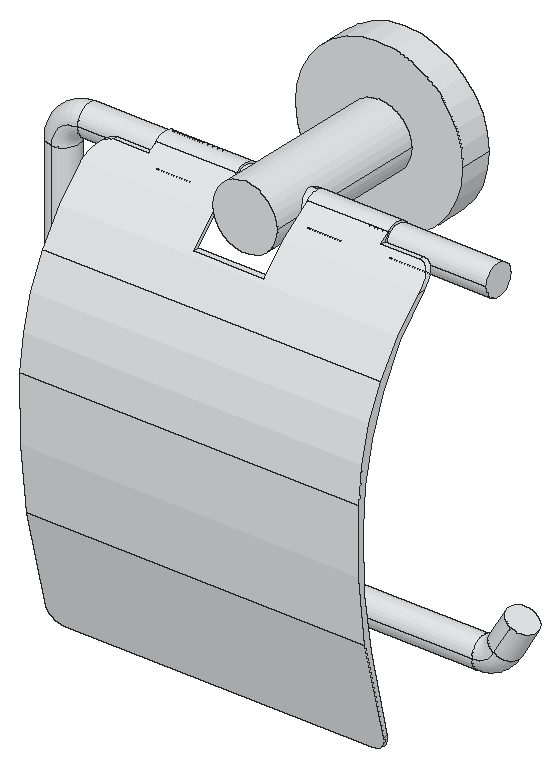
Revit family "DTPR0019_revit", category Generic Models, Revit 2017
Family settings
  Can host rebar = No
  Round Connector Dimension = Use Diameter
  Part Type = Normal
  Work Plane-Based = No
  Always vertical = Yes
  Cut with Voids When Loaded = No
  Shared = No
  Room Calculation Point = No
Parameters
  Website = "https://dolphy.in/"  # constant formula
  M&L = Dolphy_CHROME
  Contact number = "+91 9520202035"  # constant formula
  Contact email = "info@dolphy.in"  # constant formula
  Company name = "Dolphy India"  # constant formula
Reference planes
  plane 1 "Center (Front/Back)": y = 0
  plane 2: z = 0
  plane 3 "Center (Left/Right)": x = 0
Forms (mm)
  Extrusion 1, solid, material "Dolphy_CHROME" <- "M&L"
    sketch origin (0, 0, 0) x (1, 0, 0) y (0, 0, 1)
      loop
        circle (0, 0) r 26
    from 0 to 10
  Extrusion 2, void
    sketch origin (0, 0, 0) x (0, -1, 0) y (0, 0, 1)
      loop
        circle (48.04, 0.053) r 5.15
    from -17.997 to 11.871
  Sweep 3, solid, material "Dolphy_CHROME" <- "M&L"
    path origin (0, -47.874, 0.009) x (0, 0, 1) y (1, 0, 0)
      loop
        line (-92.019, 74.79) -> (-101.009, 69.6)
        arc (-101.009, 69.6) -> (-103.938, 66.671) -> (-105.009, 62.671) r 8
        line (-105.009, 62.671) -> (-105.009, -59.71)
        arc (-105.009, -59.71) -> (-102.666, -65.367) -> (-97.009, -67.71) r 8
        line (-97.009, -67.71) -> (-8.009, -67.71)
        arc (-8.009, -67.71) -> (-2.353, -65.367) -> (-0.009, -59.71) r 8
        line (-0.009, -59.71) -> (-0.009, 67.29)
    profile origin (3.79, -47.874, 0) x (0, 0, -1) y (0, 1, 0)
      loop
        circle (0, 0) r 4.7
  Sweep 4, solid, material "Dolphy_CHROME" <- "M&L"
    path in 3D
      loop
        line (74.633, -47.191, 0) -> (-73.138, -47.191, 0)
    profile origin (0.748, -47.191, 0) x (0, -1, 0) y (0, 0, 1)
      loop
        arc (24.474, -130) -> (30.377, -110.954) -> (34.971, -91.551) r 292.996
        arc (34.971, -91.551) -> (37.293, -71.658) -> (37.492, -51.631) r 188.488
        arc (37.492, -51.631) -> (34.926, -35.85) -> (28.74, -21.106) r 67.896
        arc (28.74, -21.106) -> (17.696, -6.589) -> (3.178, 4.455) r 67.737
        line (3.178, 4.455) -> (4.383, 2.899)
        arc (4.383, 2.899) -> (18.159, -9.051) -> (28.095, -24.344) r 65.325
        arc (28.095, -24.344) -> (33.839, -41.516) -> (35.576, -59.539) r 80.048
        arc (35.576, -59.539) -> (35.328, -77.085) -> (32.525, -94.406) r 120.057
        arc (32.525, -94.406) -> (28.712, -112.229) -> (23.712, -129.755) r 271.487
        arc (23.712, -129.755) -> (23.97, -130.258) -> (24.474, -130) r 0.4
  Extrusion 5, void
    sketch origin (0, -10, 0) x (-1, 0, 0) y (0, 0, 1)
      loop
        line (-53.248, -3.045) -> (-53.248, -120.545)
        arc (-53.248, -120.545) -> (-51.783, -124.08) -> (-48.248, -125.545) r 5
        line (-48.248, -125.545) -> (46.752, -125.545)
        arc (46.752, -125.545) -> (50.288, -124.08) -> (51.752, -120.545) r 5
        line (51.752, -120.545) -> (51.752, -3.045)
        arc (51.752, -3.045) -> (50.288, 0.491) -> (46.752, 1.955) r 5
        line (46.752, 1.955) -> (36, 1.955) -> (36, 3.82) -> (11, 3.82) -> (11, -10.417) -> (-11, -10.417) -> (-11, 3.82) -> (-36, 3.82) -> (-36, 1.955) -> (-48.248, 1.955)
        arc (-48.248, 1.955) -> (-51.783, 0.491) -> (-53.248, -3.045) r 5
      loop
        line (73.138, -130.277) -> (73.138, 4.455) -> (-74.633, 4.455) -> (-74.633, -130.277) -> (73.138, -130.277)
    from -77.122 to -37.874
  Extrusion 6, solid, material "Dolphy_CHROME" <- "M&L"
    sketch origin (0, -10, 0) x (1, 0, 0) y (0, 0, 1)
      loop
        circle (0, 0) r 10
    from 0 to 52
  Sweep 7, solid, material "Dolphy_CHROME" <- "M&L"
    path in 3D
      loop
        line (36, -47.191, 0) -> (11, -47.191, 0)
    profile origin (23.5, -47.191, 0) x (0, -1, 0) y (0, 0, 1)
      loop
        arc (5.999, 0) -> (0.85, 5.203) -> (-4.3, 0) r 5.15
        arc (-4.3, 0) -> (0.85, -5.097) -> (5.999, 0) r 5.15
  Sweep 8, solid, material "Dolphy_CHROME" <- "M&L"
    path in 3D
      loop
        line (-36, -47.191, 0) -> (-11, -47.191, 0)
    profile origin (-23.5, -47.191, 0) x (0, 1, 0) y (0, 0, 1)
      loop
        arc (-5.999, 0) -> (-0.85, -5.097) -> (4.3, 0) r 5.15
        arc (4.3, 0) -> (-0.85, 5.203) -> (-5.999, 0) r 5.15
      loop
        circle (-0.684, 0) r 4.7
Cuts and joins
  Extrusion 2, Extrusion 5 cuts Extrusion 1
  Extrusion 2 cuts Extrusion 6
  joined: Extrusion 1, Extrusion 6
  Extrusion 5 cuts Sweep 4
  joined: Sweep 3, Sweep 7
Lines and regions (mm)
  sketch lines
    curve 1: line (74.633, -47.191, 0) -> (-73.138, -47.191, 0)
    curve 2: line (36, -47.191, 0) -> (11, -47.191, 0)
    curve 3: line (-36, -47.191, 0) -> (-11, -47.191, 0)
Dimensions and locks
  cut or joined group of Extrusion 1, Extrusion 2, Extrusion 5, Extrusion 6 to cut or joined group of Extrusion 1, Extrusion 2, Extrusion 5, Extrusion 6 = 10.00 mm
  Sweep 3 sketch curve to Sweep 3 sketch curve = 135.00 mm
  Sweep 3 sketch curve to Sweep 3 sketch curve = 105.00 mm
  level to Extrusion 5 = 125.545 mm
  diameter of cut or joined group of Extrusion 1, Extrusion 2, Extrusion 5, Extrusion 6 = 52.00 mm
  aligned and locked: level to plane 2
